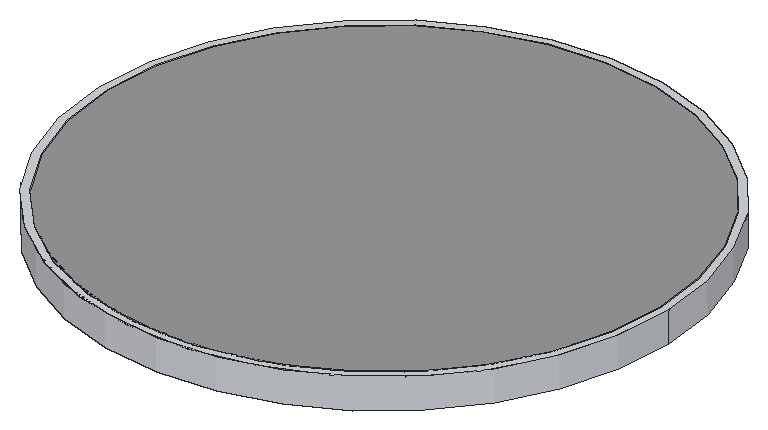
Revit family "2071311", category Lighting Fixtures, host Face, Revit 2018
Family settings
  Host = Face
  Round Connector Dimension = Use Diameter
  Part Type = Junction Box
  OmniClass Number = 23.80.70.00
  OmniClass Title = Lighting
  Cut with Voids When Loaded = No
  Light Source = Yes
  Shared = No
  Room Calculation Point = No
Parameters (values of type "2071311 COLOSSAL 1200 830 PR DIR+H WHT SSA02")
  iner diameter = 1168 mm
  Weight = "n/a"
  Wattage Comments = ""
  Wattage = 30 W
  WarrantyStartDate [instance] = "n/a"
  WarrantyGuarantorParts = "n/a"
  WarrantyDurationUnit = "n/a"
  WarrantyDurationParts = ""
  WarrantyDescription = "http://www.sylvania-lighting.com"
  built-in parameter 1150110 = 1 (stored number, unit not read)
  Voltage = 230 V
  URL = "0.95"
  TypeName = "COLOSSAL 1200mm 830 PRISM DIR+HAL WHITE SSA02"
  Type Image = <None>
  Type Comments = "n/a"
  built-in parameter 1114217 = 1 (stored number, unit not read)
  Tilt Angle = -90.00°
  built-in parameter 1150109 = 1 (stored number, unit not read)
  built-in parameter 1150134 = (empty or 0)
  built-in parameter 1150113 = 1 (stored number, unit not read)
  SerialNumber [instance] = "n/a"
  Photometric Web File = "2071311.ies"
  Material_3_SYL = LED-Sylvania
  PowerFactor = 0
  PowerConsumption = "Lighting"
  NominalLength = 1168 mm
  NominalHeight = 93 mm
  NominalDepth = 1168 mm
  Name = "COLOSSAL 1200mm 830 PRISM DIR+HAL WHITE SSA02"
  ModelReference = Name  # "COLOSSAL 1200mm 830 PRISM DIR+HAL WHITE SSA02"
  ModelNumber = "2071311"
  Model = Name  # "COLOSSAL 1200mm 830 PRISM DIR+HAL WHITE SSA02"
  Material = "Feilo Sylvania"
  ManufacturerName = "132 lm/W"
  Manufacturer = ""
  LuminousEfficacy = ""
  built-in parameter 1150105 = 270.44 (stored number, unit not read)
  Lumens = 3398.4 lm
  LuminaireType = "0"
  built-in parameter 1150115 = 1 (stored number, unit not read)
  LightOutputRatio = "LED"
  built-in parameter 1150137 = (empty or 0)
  built-in parameter 1150139 = (empty or 0)
  LampsType = Lamp  # "n/a"
  LampNominalLuminous = "3000 K"
  LampMacAdamStep = "80"
  LampColourTemperature = "LED"
  LampColourRenderingIndex = "16500"
  built-in parameter 1150112 = 1 (stored number, unit not read)
  built-in parameter 1150114 = 1 (stored number, unit not read)
  Lamp = "n/a"
  Keynote = "n/a"
  InstallationDate [instance] = "n/a"
  InputVoltage = "0"
  InputNominalFrequency = "3000"
  built-in parameter 1150132 = (empty or 0)
  built-in parameter 1150102 = (empty or 0)
  built-in parameter 1150107 = 3000 (stored number, unit not read)
  built-in parameter 1150138 = (empty or 0)
  IngressProtection = "IfcLightFixtureType"
  ImpactProtectionIndex = "IfcLightFixtureType"
  built-in parameter 1150106 = 2.7044 (stored number, unit not read)
  IfcExportType = "IfcLightFixtureType"
  IfcExportAs = "Class I"
  Emit from Circle Diameter = 385 mm
  Emit Shape Visible in Rendering = no
  ElectricShockClassification = "132"
  built-in parameter 1150104 = 10.524 (stored number, unit not read)
  DocumentationLiterature = "http://www.sylvania-lighting.com/product/en-int/products/2071311"
  DimmingControlOptions = "n/a"
  Material_2_SYL = Polycarbonate_Sylvania_White
  Dimming Lamp Color Temperature Shift = <None>
  Description = "1200mm diameter circular architectural luminaire, can be surface mounted or suspended. Powder coated aluminium housing (RAL9016) with PMMA prismatic diffuser. Direct/indirect (halo) light distribution, 15880lm luminuous flux, 120W system power, 132lm/W luminiaire efficacy. Sylsmart Connected enabled. Colour rendering index Ra >80, 3000K Warm White LED, chromaticity tolerance of 3-step MacAdam ellipse. IP40/IP20, IK03. 350mA drive current. UGR≤19. Electrical protection Class1, 220-240V. Reported lifetime 66k hours L90B10."
  Default Elevation = 1219.2 mm
  CreatedOn = "23/03/2022"
  CreatedBy = "@sylvania-lighting.com"
  Cost = 0
  Color Filter = 16777215
  built-in parameter 1114216 [instance] = (empty or 0)
  ClassificationValue = "EF_70_80"
  ClassificationName = "Uniclass2015"
  Material_1_SYL = Polycarbonate_Sylvania_Opal
  BarCode [instance] = "n/a"
  built-in parameter 1114218 = 1 (stored number, unit not read)
  built-in parameter 1150133 = 10 (stored number, unit not read)
  AssetType = "Fixed"
  AssetIdentifier [instance] = "n/a"
  Assembly Code = "D5020200"
  Apparent Load = 120 VA
  Material_4_SYL = none
Reference planes
  plane 1 "Center (Front/Back)": y = 0
  plane 2: z = 0
  plane 3 "Center (Left/Right)": x = 0
  plane 4: z = 1.161
  plane 5: z = 16.161
  plane 6: y = 584
  plane 7: y = -584
  plane 8: x = 85
  plane 9: x = -85
  plane 10: through (0, 0, 1219.2) normal (0.5, 0.866, 0)
  plane 11: through (42.5, 73.612, 1219.2) normal (0.5, 0.866, 0)
  plane 12: through (-42.5, -73.612, 1219.2) normal (0.5, 0.866, 0)
  plane 13: through (0, 0, 1219.2) normal (0.5, -0.866, 0)
  plane 14: through (-42.5, 73.612, 1219.2) normal (0.5, -0.866, 0)
  plane 15: through (42.5, -73.612, 1219.2) normal (0.5, -0.866, 0)
  plane 16: z = 93
  plane 17: y = 584
  plane 18: y = -584
  plane 19: y = -429
  plane 20: x = -584
  plane 21: x = 584
Forms (mm)
  Extrusion 1, solid, detail levels medium+fine
    sketch origin (0, 0, 0) x (0.866025, -0.5, 0) y (0.5, 0.866025, 0)
      loop
        circle (-50, 86.603) r 22
    from 0 to 2
  Extrusion 2, solid, detail levels medium+fine
    sketch origin (0, 0, 0) x (0.866025, -0.5, 0) y (0.5, 0.866025, 0)
      loop
        circle (100, 0) r 22
      loop
        circle (-50, -86.603) r 22
    from 0 to 2
  Extrusion 3, solid, detail levels medium+fine
    sketch origin (0, 0, 0) x (1, 0, 0) y (0, 1, 0)
      loop
        circle (0, 0) r 584
    from 30 to 93
  Extrusion 4, void
    sketch origin (0, 0, 0) x (1, 0, 0) y (0, 1, 0)
      loop
        circle (0, 0) r 568
    from 96.588 to 37.292
  Extrusion 5, solid, material "Glass, White, High Luminance", detail levels fine
    sketch origin (0, 0, 0) x (1, 0, 0) y (0, 1, 0)
      loop
        circle (0, 0) r 568
    from 88.022 to 93
  Extrusion 6, solid, detail levels coarse
    sketch origin (0, 0, 0) x (1, 0, 0) y (0, 1, 0)
      loop
        line (-584, 584) -> (-584, -584) -> (584, -584) -> (584, 584) -> (-584, 584)
    from 0 to 93
  Blend 7, solid, detail levels medium+fine
    base sketch origin (-10.814, 11.299, 29.922) x (1, 0, 0) y (0, 1, 0)
      loop
        line (-402.654, -330.622) -> (397.346, -330.622) -> (482.346, -183.398) -> (82.346, 509.423) -> (-87.654, 509.423) -> (-487.654, -183.398) -> (-402.654, -330.622)
    top sketch origin (-10.814, 11.299, 29.922) x (1, 0, 0) y (0, 1, 0)
      loop
        line (-363.391, -306.496) -> (364.632, -306.496) -> (449.632, -159.272) -> (87.132, 468.597) -> (-82.868, 468.597) -> (-445.368, -159.272) -> (-363.391, -306.496)
    from 0 to -30
Cuts and joins
  Extrusion 4 cuts Extrusion 1
  Extrusion 4 cuts Extrusion 2
  Extrusion 4 cuts Extrusion 3
Lines and regions (mm)
  model lines, detail levels medium+fine
    curve 1: circle (0, 0, 0) r 155 normal (0, 0, 1)
  reference lines
    curve 2: circle (0, 0, 0) r 489 normal (0, 0, 1)
    curve 3: circle (0, 0, 0) r 521 normal (0, 0, 1)
    curve 4: line (0, 0, 0) -> (606.218, -350, 0)
    curve 5: line (0, 0, 0) -> (0, 825, 0)
    curve 6: line (0, 0, 0) -> (-623.538, -360, 0)
    curve 7: line (639.013, -270.785, 0) -> (85, 49.075, 0)
    curve 8: line (563.718, -423.612, 0) -> (0, -98.15, 0)
    curve 9: line (85, 49.075, 0) -> (85, 825, 0)
    curve 10: line (-85, 49.075, 0) -> (-85, 825, 0)
    curve 11: line (-85, 49.075, 0) -> (-666.038, -286.388, 0)
    curve 12: line (-581.038, -433.612, 0) -> (0, -98.15, 0)
Dimensions and locks
  plane 4 to level = 1.161 mm
  locked: plane 5 to plane 4 at 15
  "NominalDepth": plane 6 to plane 7
  plane 6 to plane 1 "Center (Front/Back)" to plane 7 = 584 mm, 584 mm
  "NominalHeight": level to plane 16
  equal spacing: plane 17, plane 1 "Center (Front/Back)", plane 18
  "NominalLength": plane 20 to plane 21
  equal spacing: plane 20, plane 3 "Center (Left/Right)", plane 21
  aligned and locked: plane 2 to host face
  aligned and locked: level to host face
  aligned and locked: plane 6 to Extrusion 6
Automatic sketch dimensions
  host sketch curve to host sketch curve = 2438.4 mm  (x2)
  Extrusion 1 sketch curve to plane 3 "Center (Left/Right)" = 0 mm
  Extrusion 1 sketch curve to plane 1 "Center (Front/Back)" = 100 mm
  plane 1 "Center (Front/Back)" to Extrusion 2 sketch curve = 50 mm
  Extrusion 2 sketch curve to plane 3 "Center (Left/Right)" = 86.603 mm
  Extrusion 2 sketch curve to Extrusion 2 sketch curve = 150 mm
  Extrusion 2 sketch curve to Extrusion 2 sketch curve = 86.603 mm
  plane 1 "Center (Front/Back)" to curve 1 = 0 mm
  curve 1 to plane 3 "Center (Left/Right)" = 0 mm
  plane 1 "Center (Front/Back)" to Extrusion 3 sketch curve = 0 mm
  Extrusion 3 sketch curve to plane 3 "Center (Left/Right)" = 0 mm
  plane 1 "Center (Front/Back)" to Extrusion 4 sketch curve = 0 mm
  Extrusion 4 sketch curve to plane 3 "Center (Left/Right)" = 0 mm
  plane 1 "Center (Front/Back)" to Extrusion 5 sketch curve = 0 mm
  Extrusion 5 sketch curve to plane 3 "Center (Left/Right)" = 0 mm
  curve 2 to curve 3 = 0 mm  (x2)
  curve 11 to plane 14 = 0 mm
  curve 6 to plane 13 = 0 mm
  curve 12 to plane 15 = 0 mm
  curve 10 to plane 9 = 0 mm
  curve 12 to plane 3 "Center (Left/Right)" = 0 mm
  plane 1 "Center (Front/Back)" to curve 3 = 0 mm
  curve 3 to plane 3 "Center (Left/Right)" = 0 mm
  curve 7 to plane 8 = 0 mm
  curve 11 to plane 10 = 0 mm
  curve 12 to plane 19 = 4.612 mm
  plane 19 to curve 6 = 69 mm
  plane 19 to curve 11 = 142.612 mm
  plane 19 to curve 8 = 5.388 mm
  plane 19 to curve 4 = 79 mm
  plane 19 to curve 7 = 158.215 mm
  plane 6 to curve 5 = 241 mm
  curve 10 to curve 5 = 0 mm
  curve 5 to curve 9 = 0 mm
  plane 1 "Center (Front/Back)" to curve 6 = 0 mm
  curve 6 to plane 3 "Center (Left/Right)" = 0 mm
  Extrusion 6 sketch curve to plane 7 = 0 mm
  Extrusion 6 sketch curve to plane 6 = 0 mm
  Blend 7 sketch curve to plane 6 = 756.098 mm  (x2)
  Blend 7 sketch curve to Blend 7 sketch curve = 85 mm
  plane 3 "Center (Left/Right)" to Blend 7 sketch curve = 386.532 mm
  plane 8 to Blend 7 sketch curve = 386.532 mm
  Blend 7 sketch curve to plane 6 = 63.278 mm
  Blend 7 sketch curve to plane 6 = 731.972 mm  (x2)
  Blend 7 sketch curve to Blend 7 sketch curve = 81.977 mm
  plane 3 "Center (Left/Right)" to Blend 7 sketch curve = 353.818 mm
  plane 8 to Blend 7 sketch curve = 353.818 mm
  Blend 7 sketch curve to plane 6 = 104.104 mm
  plane 12 to curve 8 = 0 mm
  plane 19 to Blend 7 sketch curve = 109.677 mm
  plane 19 to Blend 7 sketch curve = 133.803 mm
  plane 8 to Extrusion 6 sketch curve = 499 mm
  Extrusion 6 sketch curve to plane 9 = 499 mm
  Blend 7 sketch curve to plane 8 = 13.468 mm
  Blend 7 sketch curve to plane 9 = 13.468 mm
  Blend 7 sketch curve to plane 9 = 328.468 mm
  Blend 7 sketch curve to plane 8 = 8.682 mm
  Blend 7 sketch curve to plane 9 = 8.682 mm
  Blend 7 sketch curve to plane 9 = 289.205 mm
  plane 10 to curve 4 = 0 mm
  plane 11 to curve 7 = 0 mm
  curve 12 to plane 12 = 0 mm
  curve 9 to plane 11 = 0 mm
  radius of Extrusion 1 sketch curve = 22 mm
  radius of Extrusion 2 sketch curve = 22 mm  (x2)
  radius of curve 1 = 155 mm
  radius of Extrusion 3 sketch curve = 584 mm
  radius of Extrusion 4 sketch curve = 568 mm
  radius of Extrusion 5 sketch curve = 568 mm
  radius of curve 2 = 489 mm
  radius of curve 3 = 521 mm
Connectors
  electrical at (0, 0, 30)
    settings: on cut or joined group of Extrusion 3, Extrusion 4, index 1, voltage 0 V, apparent load 0 VA, apparent load phase1 0 VA, apparent load phase2 0 VA, apparent load phase3 0 VA, power factor 1, load classification "Other", number of poles 1, system type 31, power factor state 1, is connector primary yes, connector utility no, sub classification motor no, connector description ""
